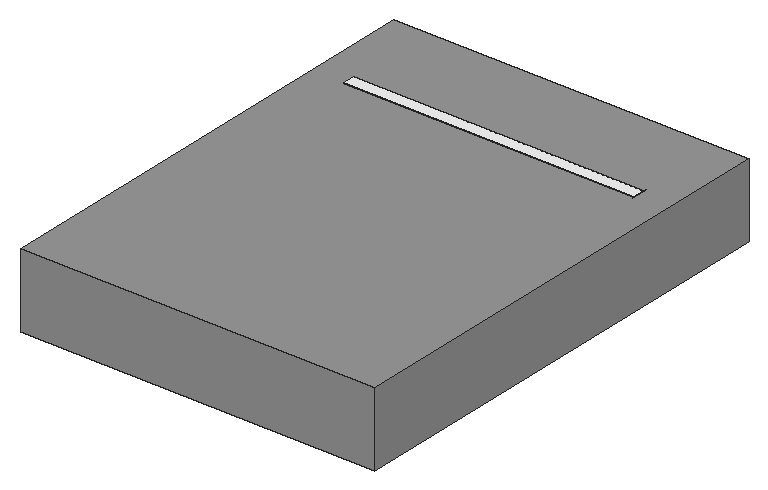
Revit family "BC_Hitachi_RPK-FSRHM_LOD400", category Mechanical Equipment, host Face, Revit 2018
Family settings
  Host = Face
  Round Connector Dimension = Use Diameter
  Part Type = Normal
  OmniClass Number = 23.75.00.00
  OmniClass Title = Climate Control (HVAC)
  Cut with Voids When Loaded = No
  Shared = No
  Room Calculation Point = No
Parameters (values of type "RPK-1.5FSRM")
  Uniformat = "Distribution Systems"
  Sound pressure level - Speed Medium (dB(A)) = 33
  Sound pressure level - Speed Low (dB(A)) = 36
  Sound pressure level - Speed Hi2 (dB(A)) = 46
  Sound pressure level - Speed Hi (dB(A)) = 40
  Sound power level - Speed Medium (dB(A)) = 50
  Sound power level - Speed Hi2 (dB(A)) = 58
  Sound Power Min = 47
  Remote control = "PC-ARFP1E / PC-AWR (*)"
  Refrigerant pipe connection = "Flare nuts"
  Refrigerant Type = "R410A / R32"
  Reference = "RPK-1.5FSRM"
  Product Code = "60279208"
  Packaging volume = 0.11 m³
  Overall width = 900.00 mm
  Overall height = 300.00 mm
  Overall depth = 230.00 mm
  Outlet Diameter = 20.00 mm
  Operation and service space - d = 1000.00 mm  # constant formula
  Operation and service space - b = 100.00 mm  # constant formula
  Operation and service space - a = 150.00 mm  # constant formula
  Operation and service space - c = 100.00 mm  # constant formula
  Operation and service space - Material = Operation and service space
  Operation and service space = yes
  OmniClass description = "Air Handling Units"
  OmniClass code = "23-33 25 00"
  Nominal heating capacity (UTOPIA) = 4 kW
  Nominal cooling capacity (UTOPIA) = 3.6 kW
  Nominal Voltage = 230 V
  Heating Capacity = 4.8 kW
  Cooling Capacity = 4 kW
  Net Weight = 11.00 kg
  Name BIM&CO = "Indoor Unit"
  Model = "Indoor unit - Wall hung RPK - FSR(H)M"
  Maximum Current = 5 A
  Masterformat Code = "23 73 00"
  MasterFormat = "Indoor Central-Station Air-Handling Units"
  Manufacturer Product Link = ""
  Liquid Diameter = 6.35 mm
  Gas Diameter = 12.70 mm
  GTIN (Global Trade Item Number)  = ""
  Manufacturer = "Hitachi Air Conditioning Europe SAS"
  Frequency = 50 Hz
  Engine Power = 40 W
  Default Elevation = 1219.20 mm
  Distance rear right side pipe wire hole = 107.00 mm
  Distance rear left side pipe wire hole = 136.00 mm
  Distance Gas pipe = Distance rear right side pipe wire hole  # 107.00 mm
  Diameter right side pipe wire hole = 65.00 mm
  Diameter left side pipe wire hole = Diameter right side pipe wire hole  # 65.00 mm
  Description = "Wall Hung without electronic expansion valve inside"
  Type Comments = "RPK-1.5FSRM"
  BC_VARIANT_ID = "508760"
  BC_OBJECT_VERSION = "#21"  # constant formula
  BC_OBJECT_ID = "209117"  # constant formula
  BC_MODEL_ID = ""  # constant formula
  Air Flow - Speed Medium = 540.0 m³/h
  Air Flow - Speed Hi = 660.0 m³/h
Types (10, lengths in mm): name | Sound pressure level - Speed Medium (dB(A)) | Sound pressure level - Speed Low (dB(A)) | Sound pressure level - Speed Hi2 (dB(A)) | Sound pressure level - Speed Hi (dB(A)) | Sound power level - Speed Medium (dB(A)) | Sound power level - Speed Hi2 (dB(A)) | Sound Power Min | Reference | Product Code | Packaging volume | Overall width | Nominal heating capacity (UTOPIA) | Nominal cooling capacity (UTOPIA) | Heating Capacity | Cooling Capacity | Net Weight | Distance rear right side pipe wire hole | Distance rear left side pipe wire hole | Distance Gas pipe | Type Comments | BC_VARIANT_ID | Air Flow - Speed Medium | Air Flow - Speed Hi
  RPK-1.5FSRM | 33 | 36 | 46 | 40 | 50 | 58 | 47 | "RPK-1.5FSRM" | "60279208" | 0.11 m³ | 900.00 | 4 kW | 3.6 kW | 4.8 kW | 4 kW | 11.00 kg | 107.00 | 136.00 | 107.00 | "RPK-1.5FSRM" | "508760" | 540.0 m³/h | 660.0 m³/h
  RPK-1.0FSRM | 30 | 32 | 39 | 35 | 47 | 43 | 45 | "RPK-1.0FSRM" | "60279207" | 0.09 m³ | 790.00 | 2.8 kW | 2.5 kW | 3.2 kW | 2.8 kW | 10.00 kg | 107.00 | 45.00 | 107.00 | "RPK-1.0FSRM" | "508762" | 420.0 m³/h | 480.0 m³/h
  RPK-0.8FSRM | 30 | 32 | 39 | 35 | 47 | 53 | 45 | "RPK-0.8FSRM" | "60279206" | 0.09 m³ | 790.00 | 2.2 kW | 2 kW | 2.5 kW | 2.2 kW | 10.00 kg | 107.00 | 45.00 | 107.00 | "RPK-0.8FSRM" | "508757" | 420.0 m³/h | 480.0 m³/h
  RPK-0.4FSRM | 29 | 30 | 32 | 31 | 46 | 49 | 45 | "RPK-0.4FSRM" | "60279204" | 0.09 m³ | 790.00 | 0 kW | 0 kW | 1.3 kW | 1.1 kW | 9.00 kg | 100.00 | 45.00 | 100.00 | "RPK-0.4FSRM" | "508755" | 402.0 m³/h | 438.0 m³/h
  RPK-0.4FSRHM | 29 | 30 | 32 | 31 | 46 | 49 | 45 | "RPK-0.4FSRHM" | "60279221" | 0.09 m³ | 790.00 | 0 kW | 0 kW | 1.3 kW | 1.1 kW | 9.00 kg | 100.00 | 45.00 | 100.00 | "RPK-0.4FSRHM" | "508756" | 402.0 m³/h | 438.0 m³/h
  RPK-0.6FSRM | 29 | 31 | 35 | 32 | 46 | 49 | 45 | "RPK-1.0FSRM" | "60279207" | 0.09 m³ | 790.00 | 0 kW | 0 kW | 3.2 kW | 2.8 kW | 10.00 kg | 100.00 | 45.00 | 100.00 | "RPK-0.6FSRM" | "508761" | 420.0 m³/h | 450.0 m³/h
  RPK-0.6FSRHM | 29 | 31 | 35 | 32 | 46 | 49 | 45 | "RPK-0.6FSRHM" | "60279222" | 0.09 m³ | 790.00 | 0 kW | 0 kW | 1.9 kW | 1.7 kW | 10.00 kg | 100.00 | 45.00 | 100.00 | "RPK-0.6FSRHM" | "508753" | 420.0 m³/h | 450.0 m³/h
  RPK-0.8FSRHM | 30 | 32 | 39 | 35 | 47 | 53 | 45 | "RPK-0.8FSRHM" | "60279223" | 0.09 m³ | 790.00 | 2.2 kW | 2 kW | 2.5 kW | 2.2 kW | 10.00 kg | 107.00 | 45.00 | 107.00 | "RPK-0.8FSRHM" | "508758" | 420.0 m³/h | 480.0 m³/h
  RPK-1.0FSRHM | 30 | 32 | 39 | 35 | 47 | 43 | 45 | "RPK-1.0FSRHM" | "60279224" | 0.09 m³ | 790.00 | 2.8 kW | 2.5 kW | 3.2 kW | 2.8 kW | 10.00 kg | 107.00 | 45.00 | 107.00 | "RPK-1.0FSRHM" | "508754" | 420.0 m³/h | 480.0 m³/h
  RPK-1.5FSRHM | 33 | 36 | 46 | 40 | 50 | 58 | 47 | "RPK-1.5FSRHM" | "60279225" | 0.11 m³ | 900.00 | 4 kW | 3.6 kW | 4.8 kW | 4 kW | 11.00 kg | 107.00 | 136.00 | 107.00 | "RPK-1.5FSRHM" | "508759" | 540.0 m³/h | 660.0 m³/h
Reference planes
  plane 1 "Centre (avant/arrière)": y = 0
  plane 2: z = 0
  plane 3 "Centre (gauche/droite)": x = 0
  plane 4 "AVANT": y = 150
  plane 5 "DROITE": x = 450
  plane 6 "GAUCHE": x = -450
  plane 7 "ARRIERE": y = -150
  plane 8: z = 230
  plane 9: x = 440
  plane 10: x = -440
Forms (mm)
  Extrusion 1, solid, material "Color"
    sketch origin (0, 0, 0) x (1, 0, 0) y (0, 1, 0)
      loop
        line (-450, 150) -> (-450, -150) -> (450, -150) -> (450, 150) -> (-450, 150)
    from 0 to 230
  Sweep 2, void
    path in 3D
      loop
        line (-450, -150, 230) -> (450, -150, 230)
    profile origin (0, -150, 230) x (0, 1, 0) y (0, 0, 1)
      loop
        arc (0, -83.278) -> (58.438, -31.396) -> (130, 0) r 251.012
        line (130, 0) -> (0, 0) -> (0, -83.278)
  Extrusion 3, solid
    sketch origin (0, 0, 0) x (1, 0, 0) y (0, 1, 0)
      loop
        circle (343, -105.236) r 6.35
      loop
        circle (365, -105.681) r 3.175
      loop
        circle (322.054, -104.897) r 10
    from 0 to -20
  Extrusion 4, void
    sketch origin (-450, 150, 0) x (-1, 0, 0) y (0, 0, -1)
      loop
        line (-890, -126.722) -> (-10, -126.722) -> (-10, -110) -> (-890, -110) -> (-890, -126.722)
      loop
        line (-890, -100) -> (-10, -100) -> (-10, -70) -> (-890, -70) -> (-890, -100)
      loop
        line (-890, -60) -> (-10, -60) -> (-10, -30) -> (-890, -30) -> (-890, -60)
      loop
        line (-890, -20) -> (-10, -20) -> (-10, -7.5) -> (-890, -7.5) -> (-890, -20)
    from 0 to 20
  Sweep 5, void
    path in 3D
      loop
        line (450, 150, 230) -> (-450, 150, 230)
    profile origin (0, 150, 230) x (0, -1, 0) y (0, 0, 1)
      loop
        line (130, 0) -> (0, 0) -> (0, -130)
        arc (0, -130) -> (38.076, -38.076) -> (130, 0) r 130
  Extrusion 6, void
    sketch origin (450, -150, 0) x (1, 0, 0) y (0, 0, -1)
      loop
        line (-890, -146.722) -> (-10, -146.722) -> (-10, -122.685) -> (-890, -122.685) -> (-890, -146.722)
    from 0 to 20
  Extrusion 7, solid, material "Operation and service space" <- "Operation and service space - Material", visible <- "Operation and service space"
    sketch origin (-1501.925, 119.264, 0) x (1, 0, 0) y (0, 1, 0)
      loop
        line (951.925, 180.736) -> (951.925, -1269.264) -> (2051.925, -1269.264) -> (2051.925, 180.736) -> (951.925, 180.736)
    from 230 to 0
Cuts and joins
  Sweep 2, Extrusion 4, Sweep 5, Extrusion 6 cuts Extrusion 1
Lines and regions (mm)
  sketch lines
    curve 1: line (-450, -150, 230) -> (450, -150, 230)
    curve 10: line (450, 150, 230) -> (-450, 150, 230)
  model lines
    curve 2: circle (-314, -105, 0) r 32.5 normal (0, 0, 1)
    curve 3: circle (343, -105, 0) r 32.5 normal (0, 0, 1)
    curve 4: line (440, 150, 20) -> (-440, 150, 20)
    curve 5: line (440, 150, 30) -> (-440, 150, 30)
    curve 6: line (440, 150, 60) -> (-440, 150, 60)
    curve 7: line (440, 150, 70) -> (-440, 150, 70)
    curve 8: line (440, 150, 100) -> (-440, 150, 100)
    curve 9: line (440, 150, 110) -> (-440, 150, 110)
Dimensions and locks
  equal spacing: plane 6 "GAUCHE", plane 3 "Centre (gauche/droite)", plane 5 "DROITE"
  equal spacing: plane 7 "ARRIERE", plane 1 "Centre (avant/arrière)", plane 4 "AVANT"
  "Overall width": plane 6 "GAUCHE" to plane 5 "DROITE"
  "Overall height": plane 4 "AVANT" to plane 7 "ARRIERE"
  "Overall depth": plane 2 to plane 8
  "Distance rear right side pipe wire hole": curve 3 to plane 5 "DROITE"
  "Distance rear left side pipe wire hole": plane 6 "GAUCHE" to curve 2
  locked: plane 7 "ARRIERE" to curve 2 at 45
  locked: plane 7 "ARRIERE" to curve 3 at 45
  "Distance Gas pipe": Extrusion 3 sketch curve to plane 5 "DROITE"
  locked: plane 5 "DROITE" to plane 9 at 10
  locked: plane 6 "GAUCHE" to plane 10 at 10
  "Operation and service space - a": Extrusion 7 sketch curve to plane 4 "AVANT"
  "Operation and service space - c": Extrusion 7 sketch curve to plane 6 "GAUCHE"
  "Operation and service space - b": plane 5 "DROITE" to Extrusion 7 sketch curve
  "Operation and service space - d": Extrusion 7 sketch curve to plane 7 "ARRIERE"
  "Diameter right side pipe wire hole": diameter of curve 3
  "Diameter left side pipe wire hole": diameter of curve 2
  "Liquid Diameter": diameter of Extrusion 3 sketch curve
  "Gas Diameter": diameter of Extrusion 3 sketch curve
  "Outlet Diameter": diameter of Extrusion 3 sketch curve
  aligned and locked: plane 2 to host face
  aligned and locked: level to host face
  aligned and locked: Extrusion 1 sketch curve to plane 4 "AVANT"
  aligned and locked: Extrusion 1 sketch curve to plane 6 "GAUCHE"
  aligned and locked: Extrusion 1 sketch curve to plane 7 "ARRIERE"
  aligned and locked: Extrusion 1 sketch curve to plane 5 "DROITE"
  aligned and locked: Extrusion 4 sketch curve to curve 9
  aligned and locked: curve 8 to Extrusion 4 sketch curve
  aligned and locked: Extrusion 4 sketch curve to curve 7
  aligned and locked: curve 6 to Extrusion 4 sketch curve
  aligned and locked: Extrusion 4 sketch curve to curve 5
  aligned and locked: curve 4 to Extrusion 4 sketch curve
  aligned and locked: Extrusion 4 sketch curve to plane 9  (x4)
  aligned and locked: Extrusion 4 sketch curve to plane 10  (x4)
  aligned and locked: curve 5 to cut or joined group of Extrusion 1, Sweep 2, Extrusion 4, Sweep 5, Extrusion 6  (x2)
  aligned and locked: curve 6 to cut or joined group of Extrusion 1, Sweep 2, Extrusion 4, Sweep 5, Extrusion 6  (x2)
  aligned and locked: curve 7 to cut or joined group of Extrusion 1, Sweep 2, Extrusion 4, Sweep 5, Extrusion 6  (x2)
  aligned and locked: curve 4 to cut or joined group of Extrusion 1, Sweep 2, Extrusion 4, Sweep 5, Extrusion 6  (x2)
  aligned and locked: curve 8 to cut or joined group of Extrusion 1, Sweep 2, Extrusion 4, Sweep 5, Extrusion 6  (x2)
  aligned and locked: curve 9 to cut or joined group of Extrusion 1, Sweep 2, Extrusion 4, Sweep 5, Extrusion 6  (x2)
  aligned and locked: Extrusion 6 sketch curve to plane 9
  aligned and locked: Extrusion 6 sketch curve to plane 10
  aligned and locked: Extrusion 7 to cut or joined group of Extrusion 1, Sweep 2, Extrusion 4, Sweep 5, Extrusion 6
Automatic sketch dimensions
  Sweep 2 sketch curve to profile plane = 0.00 mm  (x2)
  Sweep 2 sketch curve to profile plane = 130.00 mm
  Sweep 2 sketch curve to profile plane = 193.837 mm
  Sweep 2 sketch curve to profile plane = 242.758 mm
  host sketch curve to host sketch curve = 2438.40 mm
  host sketch curve to host sketch curve = 2439.20 mm
  Extrusion 4 sketch curve to Extrusion 1 = 7.50 mm
  Extrusion 4 sketch curve to Extrusion 4 sketch curve = 16.722 mm
  curve 9 to Extrusion 1 = 10.00 mm  (x2)
  Extrusion 1 to curve 9 = 110.00 mm
  curve 4 to Extrusion 1 = 10.00 mm
  curve 7 to Extrusion 1 = 10.00 mm  (x2)
  curve 5 to Extrusion 1 = 10.00 mm  (x2)
  curve 6 to Extrusion 1 = 10.00 mm
  curve 8 to Extrusion 1 = 10.00 mm
  curve 8 to curve 9 = 0.00 mm
  curve 6 to curve 7 = 0.00 mm
  curve 4 to curve 5 = 0.00 mm
  curve 9 to curve 8 = 10.00 mm
  curve 8 to curve 7 = 30.00 mm
  curve 7 to curve 6 = 10.00 mm
  curve 6 to curve 5 = 30.00 mm
  curve 5 to curve 4 = 10.00 mm
  Sweep 5 sketch curve to profile plane = 0.00 mm  (x2)
  Sweep 5 sketch curve to profile plane = 130.00 mm
  Extrusion 6 sketch curve to Extrusion 6 sketch curve = 24.037 mm
  Extrusion 6 sketch curve to Extrusion 1 = 83.278 mm
  Extrusion 3 sketch curve to Extrusion 3 sketch curve = 20.946 mm
  Extrusion 3 sketch curve to Extrusion 3 sketch curve = 22.00 mm
  Extrusion 3 sketch curve to plane 7 "ARRIERE" = 44.319 mm
  Extrusion 3 sketch curve to Extrusion 3 sketch curve = 0.444 mm
  Extrusion 3 sketch curve to Extrusion 3 sketch curve = 0.339 mm
Connectors
  piping at (365, -105.681, -20), diameter 6.35, driven by "Liquid Diameter"
    settings: on Extrusion 3, index 1, connector inside diameter 609.6 mm, connector length 0.00 mm, flow factor 0, pipe flow 0.0 L/s, pressure drop 0.0 Pa, fitting loss kfactor 0, connector angle 0.00°, fixture units 0, engagement length 0.00 mm, angle of deflection 0.00°, flow configuration 0, flow direction 0, fitting loss method 0, system type 29, joint type 0, gender type 0, connector reference index -1, connector utility 0, adjustable connector no, is connector primary yes, connector description ""
  piping at (343, -105.236, -20), diameter 12.7, driven by "Gas Diameter"
    settings: on Extrusion 3, index 2, connector inside diameter 609.6 mm, connector length 0.00 mm, flow factor 0, pipe flow 0.0 L/s, pressure drop 0.0 Pa, fitting loss kfactor 0, connector angle 0.00°, fixture units 0, engagement length 0.00 mm, angle of deflection 0.00°, flow configuration 0, flow direction 0, fitting loss method 0, system type 29, joint type 0, gender type 0, connector reference index -1, connector utility 0, adjustable connector no, is connector primary no, connector description ""
  piping at (322.054, -104.897, -20), diameter 20, driven by "Outlet Diameter"
    settings: on Extrusion 3, index 3, connector inside diameter 609.6 mm, connector length 0.00 mm, flow factor 0, pipe flow 0.0 L/s, pressure drop 0.0 Pa, fitting loss kfactor 0, connector angle 0.00°, fixture units 0, engagement length 0.00 mm, angle of deflection 0.00°, flow configuration 0, flow direction 2, fitting loss method 0, system type 16, joint type 0, gender type 0, connector reference index -1, connector utility 0, adjustable connector no, is connector primary no, connector description ""
  electrical at (0, 0, 0), driven by "Nominal Voltage"
    settings: on Extrusion 1, index 4, voltage 230 V, apparent load 0 VA, apparent load phase1 0 VA, apparent load phase2 0 VA, apparent load phase3 0 VA, power factor 1, load classification "Autre", number of poles 1, system type 30, power factor state 1, is connector primary yes, connector utility no, sub classification motor no, connector description ""
